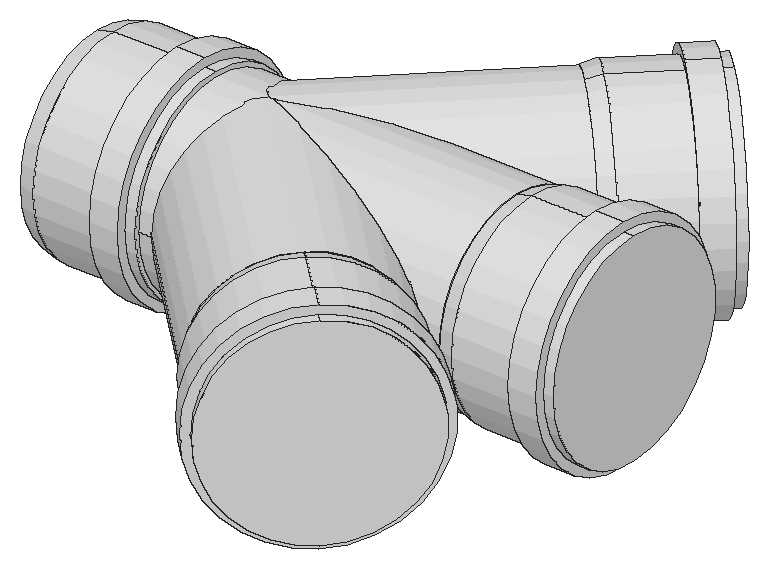
Revit family "Redi_Фитинг_ПВХ_Крестовина_Одноплоскостная", category Соединительные детали трубопроводов, Revit 2019
Family settings
  Размер круглого соединителя = Использовать диаметр
  Тип детали = Крестовина
  На основе рабочей плоскости = Нет
  Всегда вертикально = Да
  При загрузке вырезать с полостями = Нет
  Общий = Нет
Parameters (values of type "Redi")
  Угол [instance] = 45.00°
  Типовой = no
  Раструб Длина [instance] = size_lookup(Поиск в таблице имен, "LR1", ADSK_Диаметр условный * 2, ADSK_Диаметр условный, Диаметр условный 1, Диаметр условный 2, ADSK_Угол)  # 55.6 mm
  Раструб Видимость 1.2 [instance] = and(not(Угол > 90.00°), Раструб Подводящий)  # yes
  Раструб Видимость 2.2 [instance] = and(Угол > 90.00°, Раструб Подводящий)  # no
  Поиск в таблице имен 2 = "Redi_Фитинг_ПВХ_Крестовина_Одноплоскостная"
  Поиск в таблице имен = "Redi_Фитинг_ПВХ_Крестовина_Одноплоскостная"
  Размер засечки 2 [instance] = 40 mm
  Размер засечки 1 [instance] = 40 mm
  Раструб Подводящий [instance] = yes
  Description = ""
  Материал = 05 Пластик ПВХ Белый
  Assembly Code = ""
  Manufacturer = ""
  Раструб Видимость 2.1 [instance] = Угол > 90.00°  # no
  Раструб Видимость 1.1 [instance] = not(Угол > 90.00°)  # yes
  a1 [instance] = Z3 * cos(Угол)  # 99.702 mm
  Z3 [instance] = size_lookup(Поиск в таблице имен, "z3", ADSK_Диаметр условный * 2, ADSK_Диаметр условный, Диаметр условный 1, Диаметр условный 2, ADSK_Угол)  # 141 mm
  Z2 [instance] = if(Угол > 90.00°, if(Раструб Подводящий, size_lookup(Поиск в таблице имен, "z1", ADSK_Диаметр условный * 2, ADSK_Диаметр условный, Диаметр условный 1, Диаметр условный 2, ADSK_Угол), size_lookup(Поиск в таблице имен, "z1", ADSK_Диаметр условный * 2, ADSK_Диаметр условный, Диаметр условный 1, Диаметр условный 2, ADSK_Угол) + Раструб Длина), size_lookup(Поиск в таблице имен, "z2", ADSK_Диаметр условный * 2, ADSK_Диаметр условный, Диаметр условный 1, Диаметр условный 2, ADSK_Угол))  # 141 mm
  Z1 [instance] = if(Угол > 90.00°, size_lookup(Поиск в таблице имен, "z2", ADSK_Диаметр условный * 2, ADSK_Диаметр условный, Диаметр условный 1, Диаметр условный 2, ADSK_Угол), if(Раструб Подводящий, size_lookup(Поиск в таблице имен, "z1", ADSK_Диаметр условный * 2, ADSK_Диаметр условный, Диаметр условный 1, Диаметр условный 2, ADSK_Угол), size_lookup(Поиск в таблице имен, "z1", ADSK_Диаметр условный * 2, ADSK_Диаметр условный, Диаметр условный 1, Диаметр условный 2, ADSK_Угол) + Раструб Длина))  # 30 mm
  URL = ""
  Диаметр условный 1 [instance] = 110 mm
  Диаметр условный 2 [instance] = 110 mm
  ADSK_Угол [instance] = if(or(Угол < 67.50°, Угол > 112.50°), 45.00°, 87.30°)  # 45.00°
  ADSK_Наименование краткое = "Крестовина"
  ADSK_Наименование [instance] = size_lookup(Поиск в таблице имен, "ADSK_Наименование", "Решение не найдено", ADSK_Диаметр условный, Диаметр условный 1, Диаметр условный 2, ADSK_Угол)  # "Крестовина одноплоскостная 45°, DN110x110x110"
  ADSK_Масса_Текст [instance] = ""
  ADSK_Масса [instance] = 0
  ADSK_Марка = ""
  ADSK_Код изделия [instance] = size_lookup(Поиск в таблице имен 2, "ADSK_Код изделия", "Решение не найдено", ADSK_Диаметр условный, Диаметр условный 1, Диаметр условный 2, ADSK_Угол)  # "361155"
  ADSK_Завод-изготовитель = "Redi"  # constant formula
  ADSK_Единица измерения = "шт."  # constant formula
  ADSK_Диаметр условный [instance] = 110 mm
Reference planes
  plane 1 "По центру (Вперед/Назад)": y = 0
  plane 2: z = 0
  plane 3 "По центру (Влево/Вправо)": x = 0
  plane 4: x = -30
  plane 5: x = 141
Forms (mm)
  Extrusion 1, void
    sketch origin (-30, 89.871, 1200) x (0, 1, 0) y (0, 0, 1)
      loop
        circle (-89.871, -1200) r 55
    from 0 to -54.213
  Sweep 2, solid, material "05 Пластик ПВХ Белый" <- "Материал", detail levels fine
    path origin (0, 0, 0) x (1, 0, 0) y (0, 1, 0)
      loop
        line (-30, 0) -> (141, 0)
    profile origin (55.5, 0, 0) x (0, 1, 0) y (0, 0, 1)
      loop
        circle (0, 0) r 55
  Sweep 3, solid, material "05 Пластик ПВХ Белый" <- "Материал", detail levels fine
    path origin (0, 0, 0) x (1, 0, 0) y (0, 1, 0)
      loop
        line (0, 0) -> (99.702, -99.702)
    profile origin (49.851, -49.851, 0) x (0.707107, 0.707107, 0) y (0, 0, 1)
      loop
        circle (0, 0) r 55
  Sweep 4, solid, material "05 Пластик ПВХ Белый" <- "Материал", detail levels fine
    path origin (0, 0, 0) x (1, 0, 0) y (0, 1, 0)
      loop
        line (0, 0) -> (99.702, 99.702)
    profile origin (49.851, 49.851, 0) x (-0.707107, 0.707107, 0) y (0, 0, 1)
      loop
        circle (0, 0) r 55
Cuts and joins
  Extrusion 1 cuts Sweep 4
  Extrusion 1 cuts Sweep 3
Lines and regions (mm)
  model lines, detail levels coarse+medium
    curve 1: line (141, 0, 0) -> (-30, 0, 0)
    curve 2: line (-30, 0, 0) -> (-30, 223.912, 0)
    curve 3: line (-30, 0, 0) -> (-30, -223.912, 0)
    curve 4: line (141, 0, 0) -> (141, 15.686, 0)
    curve 5: line (141, 0, 0) -> (141, -15.686, 0)
    curve 6: line (0, 0, 0) -> (99.702, -99.702, 0)
    curve 7: line (71.418, -127.986, 0) -> (127.986, -71.418, 0)
    curve 8: line (0, 0, 0) -> (99.702, 99.702, 0)
    curve 9: line (71.418, 127.986, 0) -> (127.986, 71.418, 0)
Dimensions and locks
  "Z1": plane 4 to plane 3 "По центру (Влево/Вправо)"
  "Z2": plane 3 "По центру (Влево/Вправо)" to plane 5
  "Z3": Sweep 3 sketch curve to Sweep 3 sketch curve
  "Z3": Sweep 4 sketch curve to Sweep 4 sketch curve
  "Размер засечки 2": curve 7 to curve 6 to curve 7
  "Размер засечки 2": curve 9 to curve 8 to curve 9
  "Z3": curve 6 to curve 6
  "Z3": curve 8 to curve 8
  "a1": plane 3 "По центру (Влево/Вправо)" to curve 6
  "a1": plane 3 "По центру (Влево/Вправо)" to curve 8
  "ADSK_Диаметр условный": diameter of Extrusion 1 sketch curve
  "ADSK_Диаметр условный": diameter of Sweep 2 sketch curve
  "Диаметр условный 2": diameter of Sweep 3 sketch curve
  "Диаметр условный 1": diameter of Sweep 4 sketch curve
  "Угол": angle plane 1 "По центру (Вперед/Назад)" to nested 6
  "Угол": angle nested 5 to plane 1 "По центру (Вперед/Назад)"
  "Угол": angle Sweep 3 sketch curve to plane 1 "По центру (Вперед/Назад)"
  "Угол": angle plane 1 "По центру (Вперед/Назад)" to Sweep 4 sketch curve
  "Угол": angle curve 6 to plane 1 "По центру (Вперед/Назад)"
  "Угол": angle plane 1 "По центру (Вперед/Назад)" to curve 8
  locked: curve 8 to curve 9 (angle 90.00°)
  locked: curve 6 to curve 7 (angle 90.00°)
  aligned and locked: level to plane 2
  aligned and locked: plane 5 to nested 1
  aligned and locked: plane 1 "По центру (Вперед/Назад)" to nested 1
  aligned and locked: plane 4 to nested 2
  aligned and locked: plane 1 "По центру (Вперед/Назад)" to nested 2
  aligned and locked: nested 3 to plane 4
  aligned and locked: nested 4 to plane 5
  aligned and locked: plane 1 "По центру (Вперед/Назад)" to Sweep 2 sketch curve
  aligned and locked: plane 5 to Sweep 2 sketch curve
  aligned and locked: plane 4 to Sweep 2 sketch curve
  aligned and locked: plane 1 "По центру (Вперед/Назад)" to Sweep 3 sketch curve
  aligned and locked: plane 3 "По центру (Влево/Вправо)" to Sweep 3 sketch curve
  aligned and locked: nested 5 to Sweep 3
  aligned and locked: plane 1 "По центру (Вперед/Назад)" to Sweep 4 sketch curve
  aligned and locked: plane 3 "По центру (Влево/Вправо)" to Sweep 4 sketch curve
  aligned and locked: nested 6 to Sweep 4
  aligned and locked: curve 9 to nested 6
Automatic sketch dimensions
  curve 1 to plane 4 = 0 mm
  curve 4 to plane 5 = 0 mm
  curve 3 to curve 7 = 95.926 mm
  plane 1 "По центру (Вперед/Назад)" to curve 5 = 15.686 mm
  curve 1 to curve 4 = 15.686 mm
  curve 9 to curve 2 = 95.926 mm
  Extrusion 1 sketch curve to level = 0 mm
  Extrusion 1 sketch curve to plane 1 "По центру (Вперед/Назад)" = 0 mm
  Sweep 2 sketch curve to level = 0 mm
  Sweep 2 sketch curve to profile plane = 0 mm
  Sweep 3 sketch curve to level = 0 mm
  Sweep 3 sketch curve to profile plane = 0 mm
  level to Sweep 4 sketch curve = 0 mm
  Sweep 4 sketch curve to profile plane = 0 mm
Nested families
  nested 1: "Фитинг_ПП_Раструб(Влож)" at (141, 0, 0), ADSK_Диаметр условный <- "ADSK_Диаметр условный", visible <- "Раструб Видимость 1.1", type "Фитинг_ПП_Раструб(Влож)", detail levels fine
    with Толщина Стенки 2 1.5 mm, Толщина Стенки 1 2.4 mm, Длина 67 mm, Диаметр Наружный Трубного Кольца 124.4 mm, Диаметр Наружный 114.8 mm, C 22 mm, B 6 mm, ADSK_Диаметр условный 110 mm, A 36 mm
  nested 2: "Фитинг_ПП_Раструб(Влож)" at (-97, 0, 0), ADSK_Диаметр условный <- "ADSK_Диаметр условный", visible <- "Раструб Видимость 1.2", type "Фитинг_ПП_Раструб(Влож)", detail levels fine
    with Толщина Стенки 2 1.5 mm, Толщина Стенки 1 2.4 mm, Длина 67 mm, Диаметр Наружный Трубного Кольца 124.4 mm, Диаметр Наружный 114.8 mm, C 22 mm, B 6 mm, ADSK_Диаметр условный 110 mm, A 36 mm
  nested 3: "Фитинг_ПП_Раструб(Влож)" at (-30, 0, 0) x (-1, 0, 0) z (0, 0, 1), visible <- "Раструб Видимость 2.1", ADSK_Диаметр условный <- "ADSK_Диаметр условный", type "Фитинг_ПП_Раструб(Влож)", detail levels fine
    with Толщина Стенки 2 1.5 mm, Толщина Стенки 1 2.4 mm, Длина 67 mm, Диаметр Наружный Трубного Кольца 124.4 mm, Диаметр Наружный 114.8 mm, C 22 mm, B 6 mm, ADSK_Диаметр условный 110 mm, A 36 mm
  nested 4: "Фитинг_ПП_Раструб(Влож)" at (208, 0, 0) x (-1, 0, 0) z (0, 0, 1), visible <- "Раструб Видимость 2.2", ADSK_Диаметр условный <- "ADSK_Диаметр условный", type "Фитинг_ПП_Раструб(Влож)", detail levels fine
    with Толщина Стенки 2 1.5 mm, Толщина Стенки 1 2.4 mm, Длина 67 mm, Диаметр Наружный Трубного Кольца 124.4 mm, Диаметр Наружный 114.8 mm, C 22 mm, B 6 mm, ADSK_Диаметр условный 110 mm, A 36 mm
  nested 5: "Фитинг_ПП_Раструб(Влож)" at (99.702, -99.702, 0) x (0.7071, -0.7071, 0) z (0, 0, 1), ADSK_Диаметр условный <- "Диаметр условный 2", type "Фитинг_ПП_Раструб(Влож)", detail levels fine
    with Толщина Стенки 2 1.5 mm, Толщина Стенки 1 2.4 mm, Длина 67 mm, Диаметр Наружный Трубного Кольца 124.4 mm, Диаметр Наружный 114.8 mm, C 22 mm, B 6 mm, ADSK_Диаметр условный 110 mm, A 36 mm
  nested 6: "Фитинг_ПП_Раструб(Влож)" at (99.702, 99.702, 0) x (0.7071, 0.7071, 0) z (0, 0, 1), ADSK_Диаметр условный <- "Диаметр условный 1", type "Фитинг_ПП_Раструб(Влож)", detail levels fine
    with Толщина Стенки 2 1.5 mm, Толщина Стенки 1 2.4 mm, Длина 67 mm, Диаметр Наружный Трубного Кольца 124.4 mm, Диаметр Наружный 114.8 mm, C 22 mm, B 6 mm, ADSK_Диаметр условный 110 mm, A 36 mm
Connectors
  piping at (-30, 0, 0), diameter 110, driven by "ADSK_Диаметр условный"
    settings: on Sweep 2, index 1, connector inside diameter 609.6 mm, connector length 0 mm, flow factor 0, pipe flow 0.0 L/s, pressure drop 0.0 Pa, fitting loss kfactor 0, connector angle 0.00°, fixture units 0, engagement length 0 mm, angle of deflection 0.00°, flow configuration 0, flow direction 0, fitting loss method 0, system type 28, joint type 0, gender type 0, connector reference index 2, connector utility 0, adjustable connector no, is connector primary yes, connector description ""
  piping at (141, 0, 0), diameter 110, driven by "ADSK_Диаметр условный"
    settings: on Sweep 2, index 2, connector inside diameter 609.6 mm, connector length 0 mm, flow factor 0, pipe flow 0.0 L/s, pressure drop 0.0 Pa, fitting loss kfactor 0, connector angle 0.00°, fixture units 0, engagement length 0 mm, angle of deflection 0.00°, flow configuration 0, flow direction 0, fitting loss method 0, system type 28, joint type 0, gender type 0, connector reference index 1, connector utility 0, adjustable connector no, is connector primary no, connector description ""
  piping at (99.702, -99.702, 0), diameter 110, driven by "Угол", driven by "Диаметр условный 2"
    settings: on cut or joined group of Extrusion 1, Sweep 3, index 3, connector inside diameter 609.6 mm, connector length 0 mm, flow factor 0, pipe flow 0.0 L/s, pressure drop 0.0 Pa, fitting loss kfactor 0, connector angle 45.00°, fixture units 0, engagement length 0 mm, angle of deflection 0.00°, flow configuration 0, flow direction 0, fitting loss method 0, system type 28, joint type 0, gender type 0, connector reference index 4, connector utility 0, adjustable connector no, is connector primary no, connector description ""
  piping at (99.702, 99.702, 0), diameter 110, driven by "Угол", driven by "Диаметр условный 1"
    settings: on cut or joined group of Extrusion 1, Sweep 4, index 4, connector inside diameter 609.6 mm, connector length 0 mm, flow factor 0, pipe flow 0.0 L/s, pressure drop 0.0 Pa, fitting loss kfactor 0, connector angle 45.00°, fixture units 0, engagement length 0 mm, angle of deflection 0.00°, flow configuration 0, flow direction 0, fitting loss method 0, system type 28, joint type 0, gender type 0, connector reference index 3, connector utility 0, adjustable connector no, is connector primary no, connector description ""
Definition of nested family "Фитинг_ПП_Раструб(Влож)"
  Parameters (values of type "CISP_Фитинг_ПП_Раструб")
    Толщина Стенки 2 [instance] = size_lookup(Поиск в таблице имен, "e3", 1 mm, ADSK_Диаметр условный)  # 1.5 mm
    Толщина Стенки 1 [instance] = size_lookup(Поиск в таблице имен, "e2", 1 mm, ADSK_Диаметр условный)  # 2.4 mm
    Поиск в таблице имен = "CISP_Фитинг_ПП_Раструб"
    Материал = none
    Длина [instance] = A + C + A / 4  # 67 mm
    Диаметр Наружный Трубного Кольца [instance] = ADSK_Диаметр условный + 2 * Толщина Стенки 1 + 4 * Толщина Стенки 1  # 124.4 mm
    Диаметр Наружный [instance] = ADSK_Диаметр условный + 2 * Толщина Стенки 1  # 114.8 mm
    C [instance] = size_lookup(Поиск в таблице имен, "C", 1 mm, ADSK_Диаметр условный)  # 22 mm
    B [instance] = size_lookup(Поиск в таблице имен, "B", 1 mm, ADSK_Диаметр условный)  # 6 mm
    ADSK_Диаметр условный [instance] = 110 mm
    A [instance] = size_lookup(Поиск в таблице имен, "A", 1 mm, ADSK_Диаметр условный)  # 36 mm
  Reference planes
    plane 1 "По центру (Вперед/Назад)": y = 0
    plane 2: z = 0
    plane 3 "По центру (Влево/Вправо)": x = 0
    plane 4: x = 67
    plane 5: z = 57.4
    plane 6: z = -57.4
    plane 7: x = 45
    plane 8: x = 61
    plane 9: x = 9
    plane 10: z = 62.2
    plane 11: z = -62.2
    plane 12: z = 55
    plane 13: z = -55
  Forms (mm)
    Sweep 1, solid, material <- "Материал"
      path origin (0, 0, 0) x (1, 0, 0) y (0, 0, 1)
        loop
          line (9, 0) -> (67, 0)
      profile origin (38, 0, 0) x (0, 0, 1) y (0, -1, 0)
        loop
          circle (0, 0) r 57.4
    SweptBlend 2, solid, material <- "Материал"
      path origin (0, 0, 0) x (1, 0, 0) y (0, 0, 1)
        loop
          line (0, 0) -> (9, 0)
      profile origin (0, 0, 0) x (0, 0, 1) y (0, -1, 0)
        loop
          circle (0, 0) r 55
      end profile origin (9, 0, 0) x (0, 0, 1) y (0, -1, 0)
        loop
          circle (0, 0) r 57.4
    Sweep 3, solid, material <- "Материал"
      path origin (0, 0, 0) x (1, 0, 0) y (0, 0, 1)
        loop
          line (45, 0) -> (61, 0)
      profile origin (53, 0, 0) x (0, 0, 1) y (0, -1, 0)
        loop
          circle (0, 0) r 62.2
  Cuts and joins
    joined: Sweep 1, SweptBlend 2, Sweep 3
  Dimensions and locks
    "Длина": plane 4 to plane 3 "По центру (Влево/Вправо)"
    equal spacing: plane 5, level, plane 6
    "Диаметр Наружный": plane 5 to plane 6
    "C": plane 4 to plane 7
    "A": plane 7 to plane 9
    "B": plane 4 to plane 8
    equal spacing: plane 12, level, plane 13
    "ADSK_Диаметр условный": plane 12 to plane 13
    equal spacing: plane 10, level, plane 11
    "Диаметр Наружный Трубного Кольца": plane 10 to plane 11
    "Диаметр Наружный": diameter of Sweep 1 sketch curve
    "ADSK_Диаметр условный": diameter of SweptBlend 2 sketch curve
    "Диаметр Наружный": diameter of SweptBlend 2 sketch curve
    "Диаметр Наружный Трубного Кольца": diameter of Sweep 3 sketch curve
    aligned and locked: level to plane 2
    aligned and locked: plane 9 to Sweep 1 sketch curve
    aligned and locked: Sweep 1 sketch curve to plane 2
    aligned and locked: plane 4 to Sweep 1 sketch curve
    aligned and locked: plane 3 "По центру (Влево/Вправо)" to SweptBlend 2 sketch curve
    aligned and locked: plane 9 to SweptBlend 2 sketch curve
    aligned and locked: SweptBlend 2 sketch curve to level
    aligned and locked: plane 7 to Sweep 3 sketch curve
    aligned and locked: plane 8 to Sweep 3 sketch curve
    aligned and locked: Sweep 3 sketch curve to plane 2
  Automatic sketch dimensions
    Sweep 1 sketch curve to plane 1 "По центру (Вперед/Назад)" = 0 mm
    profile plane to Sweep 1 sketch curve = 0 mm
    SweptBlend 2 sketch curve to plane 1 "По центру (Вперед/Назад)" = 0 mm  (x2)
    profile plane to SweptBlend 2 sketch curve = 0 mm  (x2)
    Sweep 3 sketch curve to plane 1 "По центру (Вперед/Назад)" = 0 mm
    profile plane to Sweep 3 sketch curve = 0 mm
